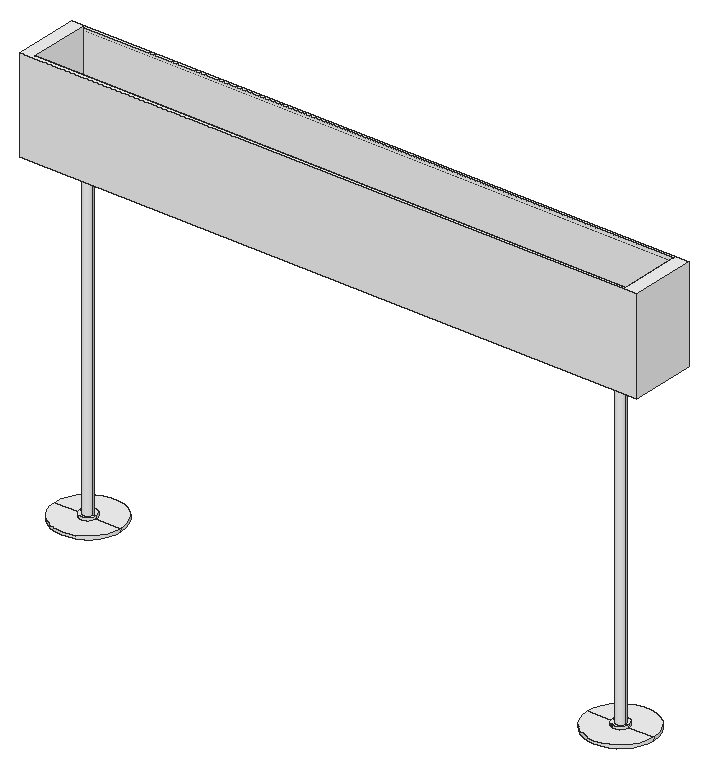
Revit family "Pursuit-P-D", category Lighting Fixtures, host Face, Revit 2021
Family settings
  Host = Face
  Round Connector Dimension = Use Diameter
  Part Type = Normal
  OmniClass Number = 23.80.70.11.14.17
  OmniClass Title = Direct/Indirect
  Cut with Voids When Loaded = No
  Light Source = Yes
  Shared = Yes
  Room Calculation Point = No
Parameters (values of type "RN-P-D-02")
  zz Length 2 [instance] = if(Pendant Height < 16.30", 16.30", if(Pendant Height > 40.50", 40.50", Pendant Height)) - 3.65"  # 12.65"
  Wattage = 41 W
  Warranty = "5-Years Warranty"  # constant formula
  built-in parameter 1150110 = 1 (stored number, unit not read)
  Voltage = 120 V
  Type Comments = "Lighting Fixture"  # constant formula
  built-in parameter 1114217 = 1 (stored number, unit not read)
  Tilt Angle = -90.00°
  built-in parameter 1150109 = 1 (stored number, unit not read)
  built-in parameter 1150134 = (empty or 0)
  built-in parameter 1150113 = 1 (stored number, unit not read)
  Product Page URL = ""
  Product Documentation Link = ""
  Power Factor = 1
  Photometric Web File = "RN-D-2-15-5K8-SM-DL.ies"
  Photometric Notes = "For more Photometric files please refer to the website"  # constant formula
  Pendant Height [instance] = 16.30"
  zz Length 1 = 24.00"
  Wattage Comments = ""
  URL = "https://www.currentlighting.com/aal"
  Mounting = "Pendant"  # constant formula
  Model = "Pursuit - Pendant Direct"  # constant formula
  Manufacturer = "Architectural Area Lighting"  # constant formula
  built-in parameter 1150105 = 241.44 (stored number, unit not read)
  Lumens = 3034 lm
  built-in parameter 1150115 = 1 (stored number, unit not read)
  Load Classification = Lighting
  built-in parameter 1150137 = (empty or 0)
  built-in parameter 1150139 = (empty or 0)
  built-in parameter 1150112 = 1 (stored number, unit not read)
  built-in parameter 1150114 = 1 (stored number, unit not read)
  Lamp = "LED"  # constant formula
  built-in parameter 1150132 = (empty or 0)
  built-in parameter 1150102 = (empty or 0)
  built-in parameter 1150107 = 3500 (stored number, unit not read)
  built-in parameter 1150138 = (empty or 0)
  built-in parameter 1150106 = 2.4144 (stored number, unit not read)
  Glass = Glass - White
  Fixture Distribution = "Direct-Symmetric"  # constant formula
  Emit from Rectangle Width = zz Length 1 - 1.00"  # 23.00"
  Emit from Rectangle Length = 2.00"  # constant formula
  Emit Shape Visible in Rendering = no
  built-in parameter 1150104 = 6.8748 (stored number, unit not read)
  Dimming Lamp Color Temperature Shift = <None>
  Description = "Linear Unlimted Low profile linear form factor seamlessly blends with the architecture - day or night. Individual housing lengths can be connected with external lens for seamless and continuous runs up to 150' to meet a variety of applications"  # constant formula
  Default Elevation = 48.00"
  Copyright = "Copyright © AAL"  # constant formula
  Contact Us = ""
  Color Filter = 16777215
  built-in parameter 1114218 = 1 (stored number, unit not read)
  Housing Material = Paint - White
  built-in parameter 1150133 = 10 (stored number, unit not read)
  Assembly Code = "D5020200"
  Apparent Load = 0 VA
Types (6): name | Wattage | Photometric Web File | zz Length 1 | built-in parameter 1150105 | Lumens | built-in parameter 1150106 | Emit from Rectangle Width | built-in parameter 1150104
  (no name) | 41 W | "RN-D-2-15-5K8-SM-DL.ies" | 24.00" | 241.44 (stored number, unit not read) | 3034 lm | 2.4144 (stored number, unit not read) | 23.00" | 6.8748 (stored number, unit not read)
  RN-P-D-02 | 41 W | "RN-D-2-15-5K8-SM-DL.ies" | 24.00" | 241.44 (stored number, unit not read) | 3034 lm | 2.4144 (stored number, unit not read) | 23.00" | 6.8748 (stored number, unit not read)
  RN-P-D-03 | 38 W | "RN-D-3-10-3K8-AS-CL.ies" | 36.00" | 223.77 (stored number, unit not read) | 2812 lm | 2.2377 (stored number, unit not read) | 35.00" | 6.8748 (stored number, unit not read)
  RN-P-D-04 | 52 W | "RN-D-2-15-5K8-SM-DL.ies" | 48.00" | 393.11 (stored number, unit not read) | 4940 lm | 3.9311 (stored number, unit not read) | 47.00" | 8.8258 (stored number, unit not read)
  RN-P-D-06 | 41 W | "RN-D-3-10-3K8-AS-CL.ies" | 72.00" | 241.44 (stored number, unit not read) | 3034 lm | 2.4144 (stored number, unit not read) | 71.00" | 6.8748 (stored number, unit not read)
  RN-P-D-08 | 41 W | "RN-D-2-15-5K8-SM-DL.ies" | 96.00" | 241.44 (stored number, unit not read) | 3034 lm | 2.4144 (stored number, unit not read) | 95.00" | 6.8748 (stored number, unit not read)
Reference planes (in)
  plane 1 "Center (Front/Back)": y = 13.01342
  plane 2: z = 0
  plane 3 "Center (Left/Right)": x = 0
  plane 4: x = -12
  plane 5: x = 12
  plane 6: x = -10.37
  plane 7: x = 10.37
  plane 8: z = 0.25
  plane 9: z = 15.15
  plane 10: z = 12.65
  plane 11: z = 16.3
Forms (in)
  Revolve 1, solid, material "Paint - White" <- "Housing Material"
    sketch origin (5.75, 13.01342, 0) x (1, 0, 0) y (0, 0, 1)
      loop
        line (-16.12, 12.4) -> (-16.12, 0) -> (-15.76844, 0) -> (-15.76844, 0.04879) -> (-14.82681, 0.04879) -> (-14.82681, 0.16609) -> (-15.79969, 0.16609) -> (-15.79969, 0.25) -> (-15.9325, 0.25) -> (-15.9325, 12.3375) -> (-15.79969, 12.3375) -> (-15.79969, 12.4) -> (-16.12, 12.4)
      axis (-16.12, 12.4) -> (-16.12, 0)
    angle from 0 to 360
  Revolve 2, solid, material "Paint - White" <- "Housing Material"
    sketch origin (-5.75, 13.01342, 0) x (-1, 0, 0) y (0, 0, -1)
      loop
        line (-16.12, -12.4) -> (-15.79969, -12.4) -> (-15.79969, -12.3375) -> (-15.9325, -12.3375) -> (-15.9325, -0.25) -> (-15.79969, -0.25) -> (-15.79969, -0.16609) -> (-14.82681, -0.16609) -> (-14.82681, -0.04879) -> (-15.76844, -0.04879) -> (-15.76844, 0) -> (-16.12, 0) -> (-16.12, -12.4)
      axis (-16.12, -12.4) -> (-16.12, 0)
    angle from 0 to 360
Dimensions and locks (in)
  equal spacing: plane 5, plane 3 "Center (Left/Right)", plane 4
  "zz Length 1": plane 5 to plane 4
  locked: plane 8 to plane 2 at 0.25
  locked: plane 6 to plane 4 at 1.63
  locked: plane 5 to plane 7 at 1.63
  "zz Length 2": plane 10 to plane 2
  locked: plane 11 to plane 10 at 3.65
  locked: plane 9 to plane 10 at 2.5
  aligned and locked: plane 2 to host face
  aligned and locked: level to host face
  aligned and locked: plane 3 "Center (Left/Right)" to nested 1
  aligned and locked: plane 1 "Center (Front/Back)" to nested 1
  aligned and locked: Revolve 1 sketch curve to Revolve 1 sketch curve
  aligned and locked: plane 8 to Revolve 1
  aligned and locked: plane 9 to imposter light
  aligned and locked: plane 3 "Center (Left/Right)" to imposter light
  aligned and locked: Revolve 2 sketch curve to Revolve 2 sketch curve
Automatic sketch dimensions
  host sketch curve to host sketch curve = 96.00"  (x2)
  Revolve 1 sketch curve to plane 6 = 0.00"
  Revolve 1 sketch curve to plane 8 = 0.00"
  Revolve 1 sketch curve to level = 0.00"
  plane 6 to Revolve 1 sketch curve = 0.1875"
  Revolve 1 sketch curve to Revolve 1 sketch curve = 0.13281"  (x2)
  Revolve 1 sketch curve to Revolve 1 sketch curve = 0.03125"
  Revolve 1 sketch curve to plane 8 = 0.08391"
  Revolve 1 sketch curve to Revolve 1 sketch curve = 0.94163"
  level to Revolve 1 sketch curve = 0.04879"
  plane 8 to Revolve 1 sketch curve = 0.66777"
  Revolve 1 sketch curve to Revolve 1 sketch curve = 5.48274"
  Revolve 2 sketch curve to plane 7 = 0.00"
  Revolve 2 sketch curve to plane 8 = 0.00"
  Revolve 2 sketch curve to level = 0.00"
  Revolve 2 sketch curve to plane 7 = 0.1875"
  Revolve 2 sketch curve to Revolve 2 sketch curve = 0.13281"  (x2)
  Revolve 2 sketch curve to Revolve 2 sketch curve = 0.03125"
  Revolve 2 sketch curve to plane 8 = 0.08391"
  Revolve 2 sketch curve to Revolve 2 sketch curve = 0.94163"
  level to Revolve 2 sketch curve = 0.04879"
  Revolve 2 sketch curve to Revolve 2 sketch curve = 5.48274"
  plane 8 to Revolve 2 sketch curve = 0.66777"
  Revolve 1 sketch curve to plane 9 = 2.8125"
  Revolve 1 sketch curve to Revolve 1 sketch curve = 0.0625"
  Revolve 2 sketch curve to plane 9 = 2.8125"
  Revolve 2 sketch curve to Revolve 2 sketch curve = 0.0625"
Nested families (in)
  nested 1: "Pendent Direct" at (-0.01104, 12.97343, 12.65), Glass <- "Glass", Backbox <- "Housing Material", Length <- "zz Length 1", type "Pendent Direct"
    with Length 24.00", Glass Glass - White, Backbox Paint - White
Connectors (in)
  electrical at (0, 13.01342, 12.65), driven by "Load Classification", driven by "Voltage", driven by "Apparent Load", driven by "Power Factor"
    settings: on nested 1, index 1, voltage 120 V, apparent load 0 VA, apparent load phase1 0 VA, apparent load phase2 0 VA, apparent load phase3 0 VA, power factor 1, load classification "Lighting", number of poles 1, system type 30, power factor state 1, is connector primary yes, connector utility no, sub classification motor no, connector description "Electrical Connector"
Definition of nested family "Pendent Direct"
  Parameters
    Wattage Comments = ""
    URL = ""
    Model = ""
    Manufacturer = ""
    Length [instance] = 96.00"
    Lamp = ""
    Glass [instance] = none
    Description = ""
    Default Elevation = 48.00"
    Backbox [instance] = none
  Reference planes (in)
    plane 1 "Center (Front/Back)": y = 0.03999
    plane 2: z = 0
    plane 3 "Center (Left/Right)": x = 0.01104
    plane 4: z = 3.65
    plane 5: z = 1
    plane 6: x = -47.98896
    plane 7: x = 48.01104
    plane 8: x = -47.48896
    plane 9: x = 47.51104
    plane 10: y = 1.22499
    plane 11: y = -1.14501
    plane 12: y = -1.23501
    plane 13: y = 1.31499
    plane 14: z = 0.5625
    plane 15: z = 3.525
  Forms (in)
    Extrusion 1, solid
      sketch origin (0, 0, 0.06357) x (1, 0, 0) y (0, 1, 0)
        loop
          line (-48, 48) -> (-48, -48) -> (48, -48) -> (48, 48) -> (-48, 48)
      from -0.06357 to -12.81105
    Extrusion 2, void
      sketch origin (-23.78896, 8.13374, 2) x (0, -1, 0) y (1, 0, 0)
        loop
          line (6.90875, -23.7) -> (9.27875, -23.7) -> (9.27875, 71.3) -> (6.90875, 71.3) -> (6.90875, -23.7)
      from 1.65 to -1
    Extrusion 3, solid, material <- "Backbox"
      sketch origin (0.01104, 0, 0) x (0, 1, 0) y (0, 0, 1)
        loop
          line (1.31499, 3.65) -> (-1.23501, 3.65) -> (-1.23501, 0) -> (1.31499, 0) -> (1.31499, 3.65)
      from -48 to 48
    Extrusion 4, solid, material <- "Glass"
      sketch origin (0, 0, 4.3125) x (0, -1, 0) y (1, 0, 0)
        loop
          line (-1.22499, -47.48896) -> (1.14501, -47.48896) -> (1.14501, 47.51104) -> (-1.22499, 47.51104) -> (-1.22499, -47.48896)
      from -0.7875 to -0.6625
  Cuts and joins
    Extrusion 2 cuts Extrusion 3
  Dimensions and locks (in)
    "Length": plane 7 to plane 6
    locked: plane 8 to plane 6 at 0.5
    locked: plane 7 to plane 9 at 0.5
    equal spacing: plane 7, plane 3 "Center (Left/Right)", plane 6
    plane 4 to plane 2 = 3.65"
    plane 14 to plane 2 = 0.5625"
    locked: plane 5 to plane 2 at 1
    locked: plane 4 to plane 15 at 0.125
    equal spacing: plane 10, plane 1 "Center (Front/Back)", plane 11
    locked: plane 13 to plane 10 at 0.09
    locked: plane 11 to plane 12 at 0.09
    locked: plane 13 to plane 12 at 2.55
    aligned and locked: plane 2 to Extrusion 1
    aligned and locked: plane 10 to Extrusion 2 sketch curve
    aligned and locked: plane 11 to Extrusion 2 sketch curve
    aligned and locked: plane 4 to Extrusion 3 sketch curve
    aligned and locked: plane 13 to Extrusion 3 sketch curve
    aligned and locked: Extrusion 3 sketch curve to level
    aligned and locked: plane 12 to Extrusion 3 sketch curve
    aligned and locked: Extrusion 3 to plane 6
    aligned and locked: plane 7 to Extrusion 3
    aligned and locked: plane 9 to Extrusion 2
    aligned and locked: Extrusion 2 to plane 8
    aligned and locked: plane 4 to Extrusion 4
    aligned and locked: plane 4 to Extrusion 2
    aligned and locked: Extrusion 2 to plane 5
    aligned and locked: Extrusion 4 to plane 15
  Automatic sketch dimensions
    Extrusion 1 sketch curve to Extrusion 1 sketch curve = 96.00"  (x2)
    Extrusion 2 sketch curve to plane 8 = 0.00"
    Extrusion 2 sketch curve to plane 9 = 0.00"
    Extrusion 4 sketch curve to plane 9 = 0.00"
    plane 10 to Extrusion 4 sketch curve = 0.00"
    Extrusion 4 sketch curve to plane 8 = 0.00"
    Extrusion 4 sketch curve to plane 11 = 0.00"
